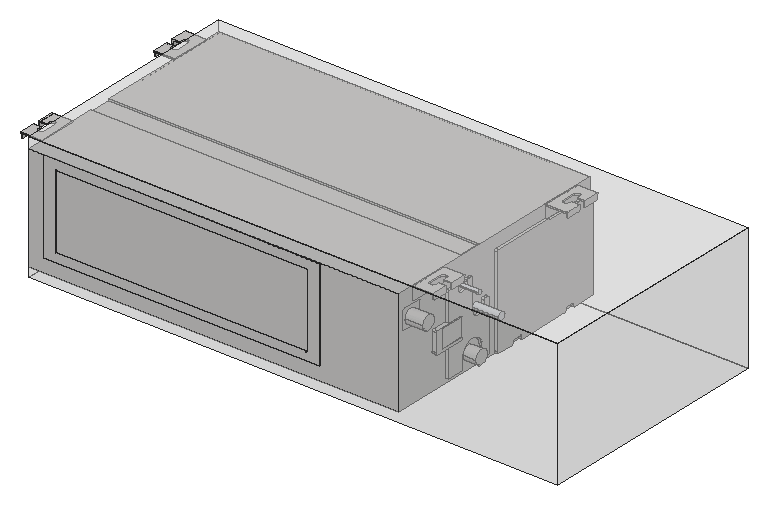
Revit family "outputfile", category 機械設備, Revit 2024
Family settings
  丸型コネクタ寸法 = 半径を使用
  パーツ タイプ = 標準
  OmniClass 番号 = 23.75.10.24.21.27.27
  OmniClass タイトル = Split System Air Conditioning Units
  作業面ベース = いいえ
  常に垂直 = はい
  ロード時にボイドで切り取り = いいえ
  注釈の向きを維持 = いいえ
  共有 = いいえ
  部屋計算ポイント = はい
Parameters (values of type "FPDSQ25APVM")
  Description = ""
  製造元 = "Daikin"
  書き出し IFC クラス(タイプ) = "IfcUnitaryEquipmentType"
  定義済み IFC タイプ(タイプ) = "AIRCONDITIONINGUNIT"
  Cost = 0
  モデル = "FPDSQ25APVM"
  Type Comments = ""
  Keynote = ""
  Type Image = (empty or 0)
  Assembly Code = ""
  lw_suctionflange = 36.75 mm  # constant formula
  r_Liquid Pipe Size = Liquid Pipe Size / 2  # 3.2 mm
  r_Gas Pipe Size = Gas Pipe Size / 2  # 6.35 mm
  r_Drain Pipe Size = Drain Pipe Size / 2  # 13.0 mm
  lw_dischargeflange = 60.0 mm  # constant formula
  lw_SA_left = 351.0 mm
  lw_SA = Width - 178.0 mm  # 522.0 mm
  lw_RA = 624.5 mm
  lh_suctionflange [instance] = if(Rear Connection_Return Air, -100.0 mm, -10.0 mm)  # -100.0 mm
  lh_power = 100.0 mm  # constant formula
  lh_mountinghole1 = lh_mountinghole  # 200.0 mm
  lh_dischargeflange = 112.0 mm  # constant formula
  lh_RA = 198.0 mm  # constant formula
  ld_dischargeflange = 225.0 mm  # constant formula
  ld_suctionflange [instance] = if(Rear Connection_Return Air, 190.0 mm, 100.0 mm)  # 190.0 mm
  angle_vertical_RA [instance] = if(Rear Connection_Return Air, 90.00°, 0.00°)  # 90.00°
  angle horizontal_RA [instance] = if(Rear Connection_Return Air, 180.00°, 270.00°)  # 180.00°
  Voltage_comment_60Hz = "220-230"
  Voltage_comment_50Hz = "220 - 240"
  Voltage_60Hz = 220 V
  Voltage_50Hz = 230 V
  URL = ""
  Supply Air Direction [instance] = yes
  Sound Power Level_H speed (dB) = 0
  Rear Connection_Return Air [instance] = not(Bottom Connection_Return Air)  # yes
  ld_RA = 190.0 mm  # constant formula
  Phase_60Hz = 1
  Phase_50Hz = 1
  Minimum External Static Pressure = 0.00 Pa
  Minimum Circuit Amps_60Hz = 0.4 A
  Minimum Circuit Amps_50Hz = 0.4 A
  Maximum Fuse Amps_60Hz = 16.0 A
  Maximum Fuse Amps_50Hz = 16.0 A
  Maximum External Static Pressure = 10.00 Pa
  Material_Casing = DAIKIN_GalvanizedSteel_Casing_indoorunit
  lw_mountinghole = 740.0 mm
  lh_gaspipe = -98.0 mm  # constant formula
  lh_mountinghole = 200.0 mm  # constant formula
  lh_liquidpipe = -45.5 mm  # constant formula
  lh_drainpipe = -50.0 mm  # constant formula
  lh_antena = 1.0 mm  # constant formula
  ld_drainpipe = 197.0 mm  # constant formula
  ld_liquidpipe = 84.0 mm  # constant formula
  ld_gaspipe = 46.5 mm  # constant formula
  ld_mountinghole = 315.0 mm  # constant formula
  h*** = 100.0 mm  # constant formula
  lw_liquidpipe = 40.0 mm  # constant formula
  lw_gaspipe = 51.0 mm  # constant formula
  lw_drainpipe = 33.0 mm  # constant formula
  Width = 700.0 mm
  Version = "ver.1.0"
  Unit Type = "Intelligent 3D Air Flow Ceiling Mounted Duct Type"
  Unit Mass Weight = 17.00 kg
  Unit Designation [instance] = ""
  Uniclass2015Version = "Products v1.30"
  Uniclass2015Title = "Variable refrigerant flow units"
  Uniclass2015Code = "Pr_70_65_03_94"
  Total Cooling Capacity [instance] = 0.000 kW
  Sound Pressure Level_M speed (dBA) = 27
  Sound Pressure Level_L speed (dBA) = 24
  Sound Pressure Level_H speed (dBA) = 31
  Series = "VRV HOME_Fan Coil Unit"
  Sensible Cooling Capacity [instance] = 0.000 kW
  SA Duct Size Width = 456.0 mm
  SA Duct Size Height = 141.0 mm
  Refrigerant Type = "R410A"
  RA Duct Size Width = 598.5 mm
  RA Duct Size Height = 172.0 mm
  Power Input (Cooling) = 0.029 kW
  Option Accessory 3 [instance] = ""
  Option Accessory 2 [instance] = ""
  Option Accessory 1 [instance] = ""
  Nominal Cooling Capacity = 2.800 kW
  Minimum Airflow = 420.00 m³/h
  Median Airflow = 480.00 m³/h
  Maximum Airflow = 540.00 m³/h
  Load Classification = HVAC
  Liquid Pipe Size = 6.4 mm
  Link_Nested Family [instance] = ""
  IfcVersion = ""
  IfcExportType = "AIRCONDITIONINGUNIT"
  IfcExportAs = "IfcUnitaryEquipmentType"
  Height = 200.0 mm
  Heat Exchanger Type = "Cross Fin Coil"
  Gas Pipe Size = 12.7 mm
  Frequency_60Hz = 60 Hz
  Frequency_50Hz = 50 Hz
  Fan Type = "Sirocco Fan"
  Fan Drive = "Direct Drive"
  FCU Tag No. [instance] = ""
  Drain Pipe Size = 26.0 mm
  Design Supply Airflow [instance] = 0.00 m³/h
  Design Return Airflow [instance] = 0.00 m³/h
  Design External Static Pressure [instance] = 0.00 Pa
  Depth = 450.0 mm
  既定の高さ = 0.0 mm
  Cooling Entering Wet Bulb Temperature [instance] = 0.00 °C
  Cooling Entering Dry Bulb Temperature [instance] = 0.00 °C
  Cooling Ambient Wet Bulb Temperature [instance] = 0.00 °C
  Cooling Ambient Dry Bulb Temperature [instance] = 0.00 °C
  Clearance visibility [instance] = yes
  Clearance Top = 20.0 mm
  Clearance Right = 300.0 mm
  Clearance Rear = 0.0 mm
  Clearance Left = 0.0 mm
  Clearance Front = 0.0 mm
  Clearance Bottom = 20.0 mm
  Bottom Connection_Return Air [instance] = no
  left_pipe = no
Reference planes
  plane 1 "Center (Front/Back)": y = 0
  plane 2 "h": z = 0
  plane 3 "Center (Left/Right)": x = 0
  plane 4 "Back": y = 225
  plane 5 "Front": y = -225
  plane 6 "Left": x = -350
  plane 7 "Reight": x = 350
  plane 8 "Top": z = 0
  plane 9 "Bottom": z = -200
  plane 10: z = 1.2
  plane 11: z = -2
  plane 12: y = -136.255
  plane 13: z = -130.998
  plane 14: y = -88.831
  plane 15: x = -370
  plane 16 "lh_mountinghole": z = 0
  plane 17: y = -197
  plane 18: z = -50
  plane 19: y = -157.5
  plane 20: y = 157.5
  plane 21 "ld_liquidpipe": y = -84
  plane 22 "ld_gaspipe": y = -46.5
  plane 23: y = -215
  plane 24 "ld_maintenacesocket": y = -197
  plane 25: x = -370
  plane 26: x = -350
  plane 27: x = 348.7
  plane 28: x = 383
  plane 29: x = 357
  plane 30: x = 360
  plane 31: x = 358
  plane 32: x = 370
  plane 33: y = -62
  plane 34: x = 375.5
  plane 35: x = 348
  plane 36: y = 225
  plane 37: y = -225
  plane 38: x = -350
  plane 39: x = 650
  plane 40: z = 20
  plane 41: z = -220
  plane 42: y = 250
  plane 43: z = -198
  plane 44: z = 205.102
  plane 45 "d_liquid_pipe": x = 390
  plane 46 "d_gas_pipe": x = 401
  plane 47 "ld_SA": y = -225
  plane 48: x = -350
  plane 49: x = -60
  plane 50: y = 415
  plane 51: z = -88
  plane 52: z = -189.5
  plane 53: x = -349
  plane 54: z = -199
  plane 55: z = -1
  plane 56: y = 35
  plane 57: y = 25
  plane 58: z = -10
  plane 59 "RA_width": x = -36.75
  plane 60: y = 125
  plane 61 "RA_depth": y = 35
  plane 62: z = -100
  plane 63: x = -349
  plane 64: y = 224
  plane 65: x = 242.57
  plane 66: z = -31.16
  plane 67: x = 302
  plane 68: y = 158.8
  plane 69 "h86.5": z = -113.5
  plane 70: y = 111
Forms (mm)
  Extrusion 1, solid, material "DAIKIN_GalvanizedSteel_Casing_indoorunit" <- "Material_Casing"
    sketch origin (0, 0, 0) x (1, 0, 0) y (0, 1, 0)
      loop
        line (-350, 225) -> (-350, -225) -> (350, -225) -> (350, 225) -> (-350, 225)
    from -200 to 0
  Extrusion 2, solid, material "DAIKIN_GalvanizedSteel_Casing_indoorunit" <- "Material_Casing"
    sketch origin (0, 0.312, 0) x (0, 1, 0) y (0, 0, 1)
      loop
        line (182.791, -198) -> (224.688, -198) -> (224.688, -22.445) -> (195.656, -22.445) -> (192.165, -25.937) -> (122.336, -25.937) -> (118.844, -22.445) -> (1.633, -22.445)
        arc (1.633, -22.445) -> (-0.483, -23.322) -> (-1.36, -25.438) r 2.993
        line (-1.36, -25.438) -> (-1.36, -195.007)
        arc (-1.36, -195.007) -> (-0.483, -197.123) -> (1.633, -198) r 2.993
        line (1.633, -198) -> (31.061, -198)
        arc (31.061, -198) -> (33.177, -197.124) -> (34.053, -195.008) r 2.992
        line (34.053, -195.008) -> (34.053, -188.29)
        arc (34.053, -188.29) -> (35.55, -186.794) -> (37.046, -188.29) r 1.496
        line (37.046, -188.29) -> (37.046, -190.333) -> (52.01, -190.333) -> (52.01, -188.29)
        arc (52.01, -188.29) -> (53.506, -186.794) -> (55.002, -188.29) r 1.496
        line (55.002, -188.29) -> (55.002, -195.007)
        arc (55.002, -195.007) -> (55.879, -197.123) -> (57.995, -198) r 2.993
        line (57.995, -198) -> (155.756, -198)
        arc (155.756, -198) -> (157.872, -197.123) -> (158.749, -195.007) r 2.993
        line (158.749, -195.007) -> (158.749, -188.29)
        arc (158.749, -188.29) -> (160.245, -186.794) -> (161.741, -188.29) r 1.496
        line (161.741, -188.29) -> (161.741, -190.333) -> (176.705, -190.333) -> (176.705, -188.29)
        arc (176.705, -188.29) -> (178.201, -186.794) -> (179.697, -188.29) r 1.496
        line (179.697, -188.29) -> (179.697, -195.005)
        arc (179.697, -195.005) -> (180.571, -197.115) -> (182.682, -197.989) r 2.984
      loop
        arc (-61.313, -42.952) -> (-62.034, -41.571) -> (-63.466, -40.958) r 2.32
        line (-63.466, -40.958) -> (-70.317, -40.958)
        arc (-70.317, -40.958) -> (-71.728, -41.542) -> (-72.313, -42.953) r 1.995
        line (-72.313, -42.953) -> (-72.313, -45.5)
        arc (-72.313, -45.5) -> (-84.313, -57.5) -> (-96.313, -45.5) r 12
        line (-96.313, -45.5) -> (-96.313, -42.953)
        arc (-96.313, -42.953) -> (-96.897, -41.542) -> (-98.308, -40.958) r 1.995
        line (-98.308, -40.958) -> (-115.14, -40.958)
        arc (-115.14, -40.958) -> (-116.551, -41.542) -> (-117.135, -42.953) r 1.995
        line (-117.135, -42.953) -> (-117.135, -189.5) -> (-22.307, -189.5) -> (-22.307, -92.768)
        arc (-22.307, -92.768) -> (-22.891, -91.358) -> (-24.302, -90.773) r 1.995
        line (-24.302, -90.773) -> (-30.318, -90.773)
        arc (-30.318, -90.773) -> (-31.728, -91.358) -> (-32.313, -92.768) r 1.995
        line (-32.313, -92.768) -> (-32.313, -99.963)
        arc (-32.313, -99.963) -> (-47.621, -112.774) -> (-61.313, -98.249) r 14.551
        line (-61.313, -98.249) -> (-61.313, -42.952)
    from 350 to 357
  Extrusion 3, solid, material "DAIKIN_GalvanizedSteel_Casing_indoorunit" <- "Material_Casing"
    sketch origin (0, 0, 0) x (0, 1, 0) y (0, 0, 1)
      loop
        line (-91.821, -94.277) -> (-145.472, -94.277)
        arc (-145.472, -94.277) -> (-147.727, -95.07) -> (-148.682, -97.262) r 2.993
        line (-148.682, -97.262) -> (-148.682, -131.007)
        arc (-148.682, -131.007) -> (-147.871, -133.233) -> (-145.694, -134.172) r 2.993
        line (-145.694, -134.172) -> (-92.043, -134.172)
        arc (-92.043, -134.172) -> (-89.788, -133.378) -> (-88.833, -131.187) r 2.993
        line (-88.833, -131.187) -> (-88.831, -97.148)
        arc (-88.831, -97.148) -> (-89.748, -95.111) -> (-91.821, -94.277) r 2.993
    from 350 to 360
  Extrusion 4, void
    sketch origin (0, 0, 0) x (1, 0, 0) y (0, 1, 0)
      loop
        line (348.7, -35.647) -> (-350, -35.647) -> (-350, -77.912) -> (348.7, -77.912) -> (348.7, -35.647)
    from -2 to 0
  Extrusion 5, void
    sketch origin (0, 0, 0) x (0, 1, 0) y (0, 0, 1)
      loop
        line (-136.255, -95.719) -> (-136.255, -130.724) -> (-88.831, -130.724) -> (-88.831, -95.719) -> (-136.255, -95.719)
    from 358 to 360
  Extrusion 6, void
    sketch origin (0, 0, 29.537) x (0, 1, 0) y (0, 0, 1)
      loop
        arc (-37.558, -199.001) -> (-61.998, -174.561) -> (-86.438, -199.001) r 24.44
        line (-86.438, -199.001) -> (-86.438, -219.037) -> (-37.558, -219.037) -> (-37.558, -199.001)
    from 357 to 350
  Extrusion 7, solid, material "DAIKIN_GalvanizedSteel_Casing_indoorunit" <- "Material_Casing"
    sketch origin (0, 0, 0) x (0, 1, 0) y (0, 0, 1)
      loop
        circle (-62, -170) r 12.968
    from 350 to 375.5
  Extrusion 8, solid, material "DAIKIN_GalvanizedSteel_Casing_indoorunit" <- "Material_Casing"
    sketch origin (0, 0, 0) x (0, 1, 0) y (0, 0, 1)
      loop
        circle (-197, -50) r 13
    from 348 to 383
  Extrusion 9, void
    sketch origin (0, 0, 0) x (0, 1, 0) y (0, 0, 1)
      loop
        arc (-212.961, -29.051) -> (-216.488, -30.512) -> (-217.949, -34.039) r 4.988
        line (-217.949, -34.039) -> (-217.949, -63.961)
        arc (-217.949, -63.961) -> (-216.488, -67.488) -> (-212.961, -68.949) r 4.988
        line (-212.961, -68.949) -> (-181.039, -68.949)
        arc (-181.039, -68.949) -> (-177.512, -67.488) -> (-176.051, -63.961) r 4.988
        line (-176.051, -63.961) -> (-176.051, -34.039)
        arc (-176.051, -34.039) -> (-177.512, -30.512) -> (-181.039, -29.051) r 4.988
        line (-181.039, -29.051) -> (-212.961, -29.051)
    from 348 to 350
  Extrusion 10, solid
    sketch origin (0, 0, 0) x (0, 1, 0) y (0, 0, 1)
      loop
        circle (-84, -45.5) r 3.2
    from 350 to 390
  Extrusion 11, solid
    sketch origin (0, 0, 0) x (0, 1, 0) y (0, 0, 1)
      loop
        circle (-46.5, -98) r 6.35
    from 350 to 401
  Extrusion 12, solid, material "DAIKIN_GalvanizedSteel_Casing_indoorunit" <- "Material_Casing"
    sketch origin (0, 0, 0) x (1, 0, 0) y (0, 1, 0)
      loop
        circle (302, 158.8) r 25
    from -198 to -200
  Extrusion 13, void
    sketch origin (0, 0, 0) x (1, 0, 0) y (0, 0, 1)
      loop
        line (-349, -1) -> (-349, -199) -> (262.5, -199) -> (262.5, -1) -> (-349, -1)
    from -225 to -35
  Extrusion 14, void
    sketch origin (0, 0, 0) x (1, 0, 0) y (0, 1, 0)
      loop
        line (-349, 224) -> (-349, 26) -> (262.5, 26) -> (262.5, 224) -> (-349, 224)
    from -200 to -10
  Extrusion 15, solid, material "DAIKIN_GalvanizedSteel_Casing_indoorunit" <- "Material_Casing", visible <- "Rear Connection_Return Air"
    sketch origin (0, 0, 0) x (1, 0, 0) y (0, 1, 0)
      loop
        line (262.5, 224) -> (-349, 224) -> (-349, 26) -> (262.5, 26) -> (262.5, 224)
    from -200 to -199
  Extrusion 16, solid, material "DAIKIN_GalvanizedSteel_Casing_indoorunit" <- "Material_Casing", visible <- "Bottom Connection_Return Air"
    sketch origin (0, 0, 0) x (1, 0, 0) y (0, 0, 1)
      loop
        line (262.5, -1) -> (-349, -1) -> (-349, -199) -> (262.5, -199) -> (262.5, -1)
    from -225 to -215
  Extrusion 17, void
    sketch origin (-350, 0, 0) x (0, 1, 0) y (0, 0, 1)
      loop
        line (152, -88.5) -> (70, -88.5) -> (70, -138.5) -> (152, -138.5) -> (152, -88.5)
    from 0 to 0.5
  Revolve 18, solid, material "DAIKIN_GalvanizedSteel_Casing_indoorunit" <- "Material_Casing", visible <- "left_pipe"
    sketch origin (0, 0, -113.5) x (0, 1, 0) y (-1, 0, 0)
      loop
        line (111, 349.5) -> (111, 373) -> (103.5, 373) -> (103.5, 359) -> (93.5, 359) -> (93.5, 357.5) -> (90, 357.5) -> (90, 349.5) -> (111, 349.5)
      axis (111, 373) -> (111, 349.5)
    angle from 0 to 360
Cuts and joins
  Extrusion 4, Extrusion 5, Extrusion 9, Extrusion 13, Extrusion 14, Extrusion 17 cuts Extrusion 1
  Extrusion 5 cuts Extrusion 3
  Extrusion 6 cuts Extrusion 2
  Extrusion 13 cuts Extrusion 8
Dimensions and locks
  "Height": plane 8 "Top" to plane 9 "Bottom"
  locked: plane 10 to plane 8 "Top" at 1.2
  locked: plane 8 "Top" to plane 11 at 2
  locked: Extrusion 6 sketch curve to Extrusion 6 sketch curve at 48.881
  locked: Extrusion 6 sketch curve to Extrusion 6 sketch curve at 20.035  (x2)
  equal spacing: plane 19, plane 1 "Center (Front/Back)", plane 20
  "ld_mountinghole": plane 19 to plane 20
  "ld_gaspipe": plane 22 "ld_gaspipe" to plane 1 "Center (Front/Back)"
  "ld_liquidpipe": plane 21 "ld_liquidpipe" to plane 1 "Center (Front/Back)"
  "ld_drainpipe": plane 24 "ld_maintenacesocket" to plane 1 "Center (Front/Back)"
  equal spacing: plane 4 "Back", plane 1 "Center (Front/Back)", plane 5 "Front"
  "Depth": plane 4 "Back" to plane 5 "Front"
  locked: plane 12 to plane 1 "Center (Front/Back)" at 136.255
  locked: plane 12 to plane 14 at 47.425
  locked: plane 14 to plane 1 "Center (Front/Back)" at 88.831
  locked: plane 13 to plane 9 "Bottom" at 69.002
  equal spacing: plane 6 "Left", plane 3 "Center (Left/Right)", plane 7 "Reight"
  "Width": plane 6 "Left" to plane 7 "Reight"
  "lw_drainpipe": plane 7 "Reight" to plane 28
  locked: plane 7 "Reight" to plane 29 at 7
  locked: plane 30 to plane 28 at 23
  locked: plane 31 to plane 28 at 25
  equal spacing: plane 25, plane 3 "Center (Left/Right)", plane 32
  "lw_mountinghole": plane 25 to plane 32
  locked: plane 7 "Reight" to plane 34 at 25.5
  locked: plane 35 to plane 7 "Reight" at 2
  "Clearance Left": plane 38 to plane 6 "Left"
  "Clearance Right": plane 7 "Reight" to plane 39
  "Clearance Rear": plane 36 to plane 4 "Back"
  "Clearance Front": plane 5 "Front" to plane 37
  "Clearance Top": plane 40 to plane 8 "Top"
  "Clearance Bottom": plane 9 "Bottom" to plane 41
  locked: plane 42 to plane 4 "Back" at 25
  locked: plane 27 to plane 7 "Reight" at 1.3
  locked: plane 43 to plane 9 "Bottom" at 2
  "lw_liquidpipe": plane 7 "Reight" to plane 45 "d_liquid_pipe"
  "lw_gaspipe": plane 7 "Reight" to plane 46 "d_gas_pipe"
  "lh_mountinghole": plane 16 "lh_mountinghole" to plane 9 "Bottom"
  "ld_suctionflange": plane 50 to plane 4 "Back"
  "lw_dischargeflange": plane 49 to plane 3 "Center (Left/Right)"
  "lh_dischargeflange": plane 51 to plane 9 "Bottom"
  locked: plane 52 to plane 9 "Bottom" at 10.5
  locked: plane 33 to plane 1 "Center (Front/Back)" at 62
  locked: plane 8 "Top" to plane 55 at 1
  locked: plane 53 to plane 6 "Left" at 1
  locked: plane 54 to plane 9 "Bottom" at 1
  locked: plane 58 to plane 9 "Bottom" at 190
  locked: plane 4 "Back" to plane 56 at 190
  locked: plane 4 "Back" to plane 57 at 200
  locked: plane 4 "Back" to plane 60 at 100
  "lw_suctionflange": plane 59 "RA_width" to plane 3 "Center (Left/Right)"
  "ld_suctionflange": plane 4 "Back" to plane 61 "RA_depth"
  "lh_power": plane 62 to plane 9 "Bottom"
  locked: plane 48 to plane 63 at 1
  locked: plane 36 to plane 64 at 1
  locked: plane 8 "Top" to plane 66 at 31.16
  locked: plane 7 "Reight" to plane 65 at 107.43
  locked: plane 18 to plane 9 "Bottom" at 150
  locked: plane 67 to plane 7 "Reight" at 48
  locked: Extrusion 17 sketch curve to Extrusion 17 sketch curve at 82
  locked: Extrusion 17 sketch curve to Extrusion 17 sketch curve at 50
  locked: plane 4 "Back" to Extrusion 17 sketch curve at 73
  locked: Extrusion 17 sketch curve to plane 9 "Bottom" at 61.5
  locked: plane 69 "h86.5" to plane 9 "Bottom" at 86.5
  locked: plane 4 "Back" to plane 70 at 114
  locked: plane 70 to Revolve 18 sketch curve at 21
  locked: plane 70 to Revolve 18 sketch curve at 17.5
  locked: plane 70 to Revolve 18 sketch curve at 7.5
  locked: Revolve 18 sketch curve to plane 6 "Left" at 23
  cut or joined group of Extrusion 1, Extrusion 4, Extrusion 5, Extrusion 9, Extrusion 13, Extrusion 14, Extrusion 17 to nested 16 = 598.5 mm
  nested 16 to nested 9 = 14.0 mm
  nested 16 to cut or joined group of Extrusion 1, Extrusion 4, Extrusion 5, Extrusion 9, Extrusion 13, Extrusion 14, Extrusion 17 = 13.0 mm
  "ld_dischargeflange": plane 47 "ld_SA" to plane 1 "Center (Front/Back)"
  plane 4 "Back" to plane 68 = 66.2 mm
  "Drain Pipe Size": diameter of Extrusion 8 sketch curve
  "Liquid Pipe Size": diameter of Extrusion 10 sketch curve
  "Gas Pipe Size": diameter of Extrusion 11 sketch curve
  aligned and locked: level to plane 2 "h"
  aligned and locked: plane 8 "Top" to Extrusion 1
  aligned and locked: Extrusion 1 to plane 9 "Bottom"
  aligned and locked: cut or joined group of Extrusion 1, Extrusion 4, Extrusion 5, Extrusion 9, Extrusion 13, Extrusion 14, Extrusion 17 to plane 8 "Top"
  aligned and locked: Extrusion 4 to plane 11
  aligned and locked: plane 8 "Top" to Extrusion 4
  aligned and locked: Extrusion 3 to Extrusion 5
  aligned and locked: plane 14 to Extrusion 5 sketch curve
  aligned and locked: Extrusion 5 sketch curve to plane 12
  aligned and locked: plane 19 to nested 1
  aligned and locked: nested 3 to plane 19
  aligned and locked: nested 2 to plane 20
  aligned and locked: nested 4 to plane 22 "ld_gaspipe"
  aligned and locked: nested 5 to plane 21 "ld_liquidpipe"
  aligned and locked: nested 6 to plane 24 "ld_maintenacesocket"
  aligned and locked: plane 4 "Back" to cut or joined group of Extrusion 2, Extrusion 6
  aligned and locked: nested 1 to plane 7 "Reight"
  aligned and locked: plane 6 "Left" to plane 26
  aligned and locked: Extrusion 4 sketch curve to plane 26
  aligned and locked: Extrusion 4 sketch curve to plane 27
  aligned and locked: cut or joined group of Extrusion 1, Extrusion 4, Extrusion 5, Extrusion 9, Extrusion 13, Extrusion 14, Extrusion 17 to plane 6 "Left"
  aligned and locked: plane 7 "Reight" to cut or joined group of Extrusion 1, Extrusion 4, Extrusion 5, Extrusion 9, Extrusion 13, Extrusion 14, Extrusion 17
  aligned and locked: plane 28 to Extrusion 8
  aligned and locked: Extrusion 8 to plane 28  (x2)
  aligned and locked: cut or joined group of Extrusion 2, Extrusion 6 to plane 29
  aligned and locked: plane 29 to cut or joined group of Extrusion 2, Extrusion 6  (x3)
  aligned and locked: plane 7 "Reight" to nested 1
  aligned and locked: cut or joined group of Extrusion 2, Extrusion 6 to plane 7 "Reight"
  aligned and locked: Extrusion 2 to Extrusion 6
  aligned and locked: Extrusion 6 to plane 7 "Reight"
  aligned and locked: plane 30 to cut or joined group of Extrusion 3, Extrusion 5
  aligned and locked: cut or joined group of Extrusion 3, Extrusion 5 to plane 31
  aligned and locked: nested 2 to plane 6 "Left"
  aligned and locked: nested 3 to plane 6 "Left"
  aligned and locked: plane 33 to Extrusion 7 sketch curve
  aligned and locked: Extrusion 7 to plane 7 "Reight"
  aligned and locked: plane 34 to Extrusion 7
  aligned and locked: Extrusion 3 to plane 7 "Reight"
  aligned and locked: plane 7 "Reight" to Extrusion 9
  aligned and locked: plane 35 to Extrusion 9
  aligned and locked: plane 35 to Extrusion 8
  aligned and locked: plane 20 to nested 7
  aligned and locked: plane 3 "Center (Left/Right)" to nested 8
  aligned and locked: plane 1 "Center (Front/Back)" to nested 8
  aligned and locked: plane 7 "Reight" to nested 7
  aligned and locked: plane 4 "Back" to cut or joined group of Extrusion 1, Extrusion 4, Extrusion 5, Extrusion 9, Extrusion 13, Extrusion 14, Extrusion 17
  aligned and locked: nested 9 to plane 37
  aligned and locked: plane 38 to nested 9
  aligned and locked: plane 39 to nested 9
  aligned and locked: nested 9 to plane 38
  aligned and locked: plane 36 to nested 9
  aligned and locked: plane 40 to nested 9
  aligned and locked: plane 41 to nested 9
  aligned and locked: cut or joined group of Extrusion 1, Extrusion 4, Extrusion 5, Extrusion 9, Extrusion 13, Extrusion 14, Extrusion 17 to plane 9 "Bottom"
  aligned and locked: Extrusion 10 to plane 7 "Reight"
  aligned and locked: plane 45 "d_liquid_pipe" to Extrusion 10
  aligned and locked: plane 22 "ld_gaspipe" to Extrusion 11 sketch curve
  aligned and locked: Extrusion 11 to plane 7 "Reight"
  aligned and locked: plane 46 "d_gas_pipe" to Extrusion 11
  aligned and locked: plane 46 "d_gas_pipe" to nested 4
  aligned and locked: plane 45 "d_liquid_pipe" to nested 5
  aligned and locked: plane 21 "ld_liquidpipe" to Extrusion 10 sketch curve
  aligned and locked: plane 16 "lh_mountinghole" to nested 3
  aligned and locked: plane 16 "lh_mountinghole" to nested 2
  aligned and locked: plane 16 "lh_mountinghole" to nested 1
  aligned and locked: plane 16 "lh_mountinghole" to nested 7
  aligned and locked: plane 32 to nested 10
  aligned and locked: plane 19 to nested 10
  aligned and locked: plane 32 to nested 13
  aligned and locked: plane 20 to nested 13
  aligned and locked: plane 25 to nested 11
  aligned and locked: plane 20 to nested 11
  aligned and locked: plane 25 to nested 12
  aligned and locked: plane 19 to nested 12
  aligned and locked: plane 49 to nested 14
  aligned and locked: plane 51 to nested 14
  aligned and locked: plane 20 to nested 15
  aligned and locked: plane 52 to Extrusion 2 sketch curve
  aligned and locked: cut or joined group of Extrusion 2, Extrusion 6 to Extrusion 12
  aligned and locked: Extrusion 12 to plane 9 "Bottom"
  aligned and locked: nested 15 to plane 9 "Bottom"
  aligned and locked: Extrusion 2 sketch curve to plane 43  (x3)
  aligned and locked: plane 53 to Extrusion 13 sketch curve
  aligned and locked: Extrusion 13 sketch curve to plane 55
  aligned and locked: plane 54 to Extrusion 13 sketch curve
  aligned and locked: plane 4 "Back" to Extrusion 13
  aligned and locked: nested 16 to cut or joined group of Extrusion 1, Extrusion 4, Extrusion 5, Extrusion 9, Extrusion 13, Extrusion 14, Extrusion 17
  aligned and locked: Extrusion 14 to plane 9 "Bottom"
  aligned and locked: plane 58 to Extrusion 14
  aligned and locked: Extrusion 15 sketch curve to cut or joined group of Extrusion 1, Extrusion 4, Extrusion 5, Extrusion 9, Extrusion 13, Extrusion 14, Extrusion 17  (x2)
  aligned and locked: cut or joined group of Extrusion 1, Extrusion 4, Extrusion 5, Extrusion 9, Extrusion 13, Extrusion 14, Extrusion 17 to Extrusion 15 sketch curve
  aligned and locked: Extrusion 15 to plane 9 "Bottom"
  aligned and locked: Extrusion 13 to plane 56
  aligned and locked: Extrusion 16 sketch curve to cut or joined group of Extrusion 1, Extrusion 4, Extrusion 5, Extrusion 9, Extrusion 13, Extrusion 14, Extrusion 17  (x3)
  aligned and locked: plane 4 "Back" to Extrusion 16
  aligned and locked: Extrusion 15 to cut or joined group of Extrusion 1, Extrusion 4, Extrusion 5, Extrusion 9, Extrusion 13, Extrusion 14, Extrusion 17
  aligned and locked: plane 7 "Reight" to nested 6
  aligned and locked: plane 24 "ld_maintenacesocket" to nested 6
  aligned and locked: plane 61 "RA_depth" to nested 17
  aligned and locked: plane 67 to Extrusion 12 sketch curve
  aligned and locked: plane 68 to Extrusion 12 sketch curve
  aligned and locked: plane 67 to nested 15
  aligned and locked: nested 18 to Extrusion 16
  aligned and locked: plane 70 to Revolve 18 sketch curve
  aligned and locked: plane 49 to nested 19
  aligned and locked: plane 47 "ld_SA" to nested 19
  aligned and locked: plane 1 "Center (Front/Back)" to nested 14
  aligned and locked: nested 19 to plane 51
Automatic sketch dimensions
  Extrusion 3 sketch curve to Extrusion 3 sketch curve = 0.217 mm  (x2)
  Extrusion 3 sketch curve to Extrusion 3 sketch curve = 2.985 mm  (x2)
  Extrusion 3 sketch curve to Extrusion 3 sketch curve = 53.651 mm
  Extrusion 3 sketch curve to Extrusion 3 sketch curve = 2.988 mm
  Extrusion 3 sketch curve to Extrusion 3 sketch curve = 0.172 mm
  Extrusion 3 sketch curve to Extrusion 3 sketch curve = 0.222 mm
  Extrusion 3 sketch curve to Extrusion 3 sketch curve = 2.993 mm
  Extrusion 3 sketch curve to Extrusion 3 sketch curve = 0.008 mm
  plane 1 "Center (Front/Back)" to Extrusion 4 sketch curve = 77.912 mm
  plane 1 "Center (Front/Back)" to Extrusion 4 sketch curve = 35.647 mm
  plane 9 "Bottom" to Extrusion 7 sketch curve = 30.0 mm
  Extrusion 3 sketch curve to Extrusion 3 sketch curve = 2.99 mm
  plane 9 "Bottom" to Extrusion 3 sketch curve = 65.828 mm
  Extrusion 3 sketch curve to Extrusion 3 sketch curve = 33.917 mm
  Extrusion 3 sketch curve to Extrusion 3 sketch curve = 33.745 mm
  Extrusion 3 sketch curve to plane 19 = 8.818 mm
  plane 23 to Extrusion 1 sketch curve = 10.0 mm
  Extrusion 1 sketch curve to plane 6 "Left" = 0.0 mm
  Extrusion 1 sketch curve to plane 7 "Reight" = 0.0 mm
  plane 23 to Extrusion 9 sketch curve = 2.949 mm
  Extrusion 9 sketch curve to plane 23 = 2.039 mm  (x2)
  Extrusion 9 sketch curve to plane 24 "ld_maintenacesocket" = 15.961 mm
  Extrusion 9 sketch curve to Extrusion 9 sketch curve = 4.988 mm  (x2)
  Extrusion 1 sketch curve to plane 4 "Back" = 0.0 mm
  plane 21 "ld_liquidpipe" to Extrusion 6 sketch curve = 2.438 mm
  plane 43 to Extrusion 6 sketch curve = 8.5 mm
  plane 6 "Left" to Extrusion 14 sketch curve = 1.0 mm
  Extrusion 14 sketch curve to plane 7 "Reight" = 87.5 mm
  Extrusion 14 sketch curve to plane 4 "Back" = 1.0 mm
  Extrusion 15 sketch curve to plane 4 "Back" = 1.0 mm
  plane 51 to Extrusion 5 sketch curve = 7.719 mm
  Extrusion 9 sketch curve to plane 51 = 19.051 mm
  Extrusion 9 sketch curve to plane 58 = 24.039 mm
  Extrusion 10 sketch curve to plane 58 = 35.5 mm
  plane 35 to Extrusion 16 sketch curve = 85.5 mm
  plane 35 to Extrusion 13 sketch curve = 85.5 mm
  plane 57 to Extrusion 14 sketch curve = 1.0 mm
  Extrusion 8 sketch curve to plane 17 = 0.0 mm
  Extrusion 8 sketch curve to plane 18 = 0.0 mm
  plane 62 to Extrusion 11 sketch curve = 2.0 mm
  plane 13 to Extrusion 5 sketch curve = 0.274 mm
  Revolve 18 sketch curve to plane 70 = 0.0 mm
  plane 6 "Left" to Revolve 18 sketch curve = 0.5 mm
  Revolve 18 sketch curve to Revolve 18 sketch curve = 24.26 mm
  Revolve 18 sketch curve to Revolve 18 sketch curve = 20.32 mm
  Extrusion 2 sketch curve to plane 4 "Back" = 0.0 mm
  plane 66 to Extrusion 2 sketch curve = 5.223 mm
  Extrusion 2 sketch curve to plane 4 "Back" = 32.523 mm
  plane 43 to Extrusion 2 sketch curve = 2.995 mm
  Extrusion 2 sketch curve to plane 20 = 25.494 mm
  plane 52 to Extrusion 2 sketch curve = 1.21 mm  (x4)
  Extrusion 2 sketch curve to Extrusion 2 sketch curve = 2.984 mm
  Extrusion 2 sketch curve to Extrusion 2 sketch curve = 1.496 mm  (x3)
  Extrusion 2 sketch curve to plane 52 = 0.833 mm  (x2)
  Extrusion 2 sketch curve to plane 20 = 4.554 mm
  plane 20 to Extrusion 2 sketch curve = 1.432 mm
  Extrusion 2 sketch curve to plane 60 = 2.352 mm
  Extrusion 2 sketch curve to Extrusion 2 sketch curve = 3.492 mm
  plane 43 to Extrusion 2 sketch curve = 2.993 mm
  plane 56 to Extrusion 2 sketch curve = 23.307 mm
  plane 56 to Extrusion 2 sketch curve = 2.359 mm
  plane 56 to Extrusion 2 sketch curve = 0.862 mm
  Extrusion 2 sketch curve to plane 56 = 0.634 mm
  Extrusion 2 sketch curve to Extrusion 2 sketch curve = 2.992 mm
  Extrusion 2 sketch curve to plane 1 "Center (Front/Back)" = 1.945 mm  (x2)
  plane 1 "Center (Front/Back)" to Extrusion 2 sketch curve = 1.047 mm
  Extrusion 2 sketch curve to Extrusion 2 sketch curve = 20.947 mm
  Extrusion 2 sketch curve to Extrusion 2 sketch curve = 1.995 mm  (x4)
  Extrusion 2 sketch curve to Extrusion 2 sketch curve = 6.016 mm
  plane 62 to Extrusion 2 sketch curve = 0.037 mm
  Extrusion 2 sketch curve to plane 22 "ld_gaspipe" = 0.051 mm
  Extrusion 2 sketch curve to plane 66 = 11.792 mm
  Extrusion 2 sketch curve to Extrusion 2 sketch curve = 30.995 mm
  Extrusion 2 sketch curve to Extrusion 2 sketch curve = 2.154 mm
  Extrusion 2 sketch curve to Extrusion 2 sketch curve = 0.144 mm
  Extrusion 2 sketch curve to Extrusion 2 sketch curve = 6.708 mm
  plane 21 "ld_liquidpipe" to Extrusion 2 sketch curve = 0.0 mm
  Extrusion 2 sketch curve to plane 66 = 9.798 mm
  Extrusion 2 sketch curve to Extrusion 2 sketch curve = 16.833 mm
  plane 21 "ld_liquidpipe" to Extrusion 2 sketch curve = 32.823 mm
  plane 51 to Extrusion 2 sketch curve = 4.768 mm
  Extrusion 2 sketch curve to Extrusion 2 sketch curve = 2.547 mm
  Extrusion 2 sketch curve to Extrusion 2 sketch curve = 0.321 mm
  plane 66 to Extrusion 2 sketch curve = 5.722 mm
  Extrusion 2 sketch curve to Extrusion 2 sketch curve = 3.491 mm
  Extrusion 2 sketch curve to Extrusion 2 sketch curve = 0.11 mm
  Extrusion 2 sketch curve to Extrusion 2 sketch curve = 0.0 mm
  plane 66 to Extrusion 2 sketch curve = 8.715 mm
  Revolve 18 sketch curve to Revolve 18 sketch curve = 1.5 mm
  Revolve 18 sketch curve to plane 6 "Left" = 7.5 mm
  radius of Extrusion 7 sketch curve = 12.968 mm
  radius of Extrusion 12 sketch curve = 25.0 mm
Nested families
  nested 1: "daikin_hangerfixture_FPDSQ-APVM" at (350, -157.5, 0), type "daikin_hangerfixture_FPDSQ-APVM"
  nested 2: "daikin_hangerfixture_FPDSQ-APVM" at (-350, 157.5, 0) x (-1, 0, 0) z (0, 0, 1), type "daikin_hangerfixture_FPDSQ-APVM"
  nested 3: "daikin_hangerfixture_FPDSQ-APVM" at (-350, -157.5, 0) x (-1, 0, 0) z (0, 0, 1), type "daikin_hangerfixture_FPDSQ-APVM"
  nested 4: "daikin_connector_rotate2" at (350, -46.5, -98) x (0, 1, 0) z (0, 0, 1), length <- "lw_gaspipe", built-in parameter 1001364 <- "lh_gaspipe", type "daikin_connector_rotate2"
    with radius 6.35 mm, length 51.0 mm, angle_vertical 90.00°
  nested 5: "daikin_connector_rotate2" at (350, -84, -45.5) x (0, 1, 0) z (0, 0, 1), length <- "lw_liquidpipe", built-in parameter 1001364 <- "lh_liquidpipe", type "daikin_connector_rotate2"
    with radius 3.2 mm, length 40.0 mm, angle_vertical 90.00°
  nested 6: "daikin_connector_rotate2" at (350, -197, -50) x (0, 1, 0) z (0, 0, 1), length <- "lw_drainpipe", built-in parameter 1001364 <- "lh_drainpipe", type "daikin_connector_rotate2"
    with radius 13.0 mm, length 33.0 mm, angle_vertical 90.00°
  nested 7: "daikin_hangerfixture_FPDSQ-APVM" at (350, 157.5, 0), type "daikin_hangerfixture_FPDSQ-APVM"
  nested 8: "daikin_△_symbolicline" at (0, 0, 200), built-in parameter 1001364 <- "Height", visible <- "Supply Air Direction", type "daikin_△_symbolicline"
    with length 200.0 mm
  nested 9: "daikin_clearancespace" at (150, 0, -99.881), visible <- "Clearance visibility", show <- "Clearance visibility", Link_Nested Family <- "Link_Nested Family", type "daikin_clearancespace"
    with width 1000.0 mm, show yes, height 240.0 mm, depth 450.0 mm, Link_Nested Family ""
  nested 10: "daikin_mountinghole" at (370, -157.5, -200), l_antenna <- "lh_antena", Link_Nested Family <- "Link_Nested Family", h_mountinghole <- "lh_mountinghole1", type "daikin_mountinghole"
    with show yes, l_antenna 1.0 mm, h_mountinghole 200.0 mm, Link_Nested Family ""
  nested 11: "daikin_mountinghole" at (-370, 157.5, -200), l_antenna <- "lh_antena", Link_Nested Family <- "Link_Nested Family", h_mountinghole <- "lh_mountinghole1", type "daikin_mountinghole"
    with show yes, l_antenna 1.0 mm, h_mountinghole 200.0 mm, Link_Nested Family ""
  nested 12: "daikin_mountinghole" at (-370, -157.5, -200), l_antenna <- "lh_antena", Link_Nested Family <- "Link_Nested Family", h_mountinghole <- "lh_mountinghole1", type "daikin_mountinghole"
    with show yes, l_antenna 1.0 mm, h_mountinghole 200.0 mm, Link_Nested Family ""
  nested 13: "daikin_mountinghole" at (370, 157.5, -200), l_antenna <- "lh_antena", Link_Nested Family <- "Link_Nested Family", h_mountinghole <- "lh_mountinghole1", type "daikin_mountinghole"
    with show yes, l_antenna 1.0 mm, h_mountinghole 200.0 mm, Link_Nested Family ""
  nested 14: "daikin_connector_rotate2" at (-60, 0, -88), length <- "ld_dischargeflange", type "daikin_connector_rotate2"
    with radius 10.0 mm, length 225.0 mm, angle_vertical 90.00°
  nested 15: "daikin_connector_rotate2" at (302, 157.5, -100) x (1, 0, 0) z (0, -1, 0), length <- "lh_power", type "daikin_connector_rotate2"
    with radius 10.0 mm, length 100.0 mm, angle_vertical 90.00°
  nested 16: "daikin_ductflange_FPDSQ-APVM2" at (-36.75, 225, -199), height <- "lh_RA", width <- "lw_RA", visible <- "Rear Connection_Return Air", type "daikin_ductflange_FPDSQ-APVM2"
    with width 624.5 mm, height 198.0 mm, depth 8.188 mm
  nested 17: "daikin_connector_rotate3" at (-36.75, 35, -100), built-in parameter 1001364 <- "lh_suctionflange", length <- "ld_RA", angle_vertical <- "angle_vertical_RA", angle_horizontal <- "angle horizontal_RA", type "daikin_connector_rotate3"
    with show no, radius 10.0 mm, length 190.0 mm, angle_vertical 90.00°, angle_horizontal 180.00°
  nested 18: "daikin_ductflange_FPDSQ-APVM2" at (-36.75, 26, -200) x (1, 0, 0) z (0, 1, 0), width <- "lw_RA", height <- "lh_RA", visible <- "Bottom Connection_Return Air", type "daikin_ductflange_FPDSQ-APVM2"
    with width 624.5 mm, height 198.0 mm, depth 562.323 mm
  nested 19: "daikin_ductflange_FPDSQ-APVM3" at (-60, -225, -187), height <- "lh_RA", width <- "lw_SA", type "daikin_ductflange_FPDSQ-APVM3"
    with width 522.0 mm, height 198.0 mm, depth 1.0 mm
Connectors
  piping at (401, -46.5, -98), diameter 12.7, driven by "r_Gas Pipe Size"
    settings: on nested 4, index 3, connector inside diameter 609.6 mm, connector length 0.0 mm, flow factor 0, pipe flow 0.00 m³/h, pressure drop 0.0 Pa, fitting loss kfactor 0, connector angle 0.00°, fixture units 0, engagement length 0.0 mm, angle of deflection 0.00°, flow configuration 1, flow direction 2, fitting loss method 0, system type 29, joint type 0, gender type 0, connector reference index -1, connector utility 0, adjustable connector no, is connector primary yes, connector description "Refrigerant Gas Piping"
  piping at (390, -84, -45.5), diameter 6.4, driven by "r_Liquid Pipe Size"
    settings: on nested 5, index 4, connector inside diameter 609.6 mm, connector length 0.0 mm, flow factor 0, pipe flow 0.00 m³/h, pressure drop 0.0 Pa, fitting loss kfactor 0, connector angle 0.00°, fixture units 0, engagement length 0.0 mm, angle of deflection 0.00°, flow configuration 1, flow direction 1, fitting loss method 0, system type 29, joint type 0, gender type 0, connector reference index -1, connector utility 0, adjustable connector no, is connector primary no, connector description "Refrigerant Liquid Piping"
  piping at (383, -197, -50), diameter 26, driven by "r_Drain Pipe Size"
    settings: on nested 6, index 5, connector inside diameter 609.6 mm, connector length 0.0 mm, flow factor 0, pipe flow 0.00 m³/h, pressure drop 0.0 Pa, fitting loss kfactor 0, connector angle 0.00°, fixture units 0, engagement length 0.0 mm, angle of deflection 0.00°, flow configuration 1, flow direction 2, fitting loss method 4, system type 16, joint type 0, gender type 0, connector reference index -1, connector utility 0, adjustable connector no, is connector primary no, connector description "Condensate Drain Piping"
  electrical at (302, 157.5, -200), driven by "Load Classification"
    settings: on nested 15, index 12, voltage 0 V, apparent load 0 VA, apparent load phase1 0 VA, apparent load phase2 0 VA, apparent load phase3 0 VA, power factor 1, load classification "HVAC", number of poles 1, system type 30, power factor state 1, is connector primary yes, connector utility no, sub classification motor no, connector description "Power Supply"
  hvac at (-36.75, 225, -100), driven by "RA Duct Size Height", driven by "RA Duct Size Width"
    settings: on nested 17, index 13, duct flow 0.00 m³/h, flow factor 0, pres drop 0.00 Pa, loss coef 0, conn angle 0.00°, conn width 598.5 mm, conn height 172.0 mm, conn diameter 609.6 mm, duct sys type 2, conn prof type 1, flow config 0, flow direction 1, loss method 4, conn ref index -1, conn util no, is conn primary yes, conn desc "RA Duct"
  hvac at (-60, -225, -88), driven by "SA Duct Size Height", driven by "SA Duct Size Width"
    settings: on nested 14, index 14, duct flow 0.00 m³/h, flow factor 0, pres drop 0.00 Pa, loss coef 0, conn angle 0.00°, conn width 456.0 mm, conn height 141.0 mm, conn diameter 609.6 mm, duct sys type 1, conn prof type 1, flow config 0, flow direction 2, loss method 4, conn ref index -1, conn util no, is conn primary no, conn desc "SA Duct"
Definition of nested family "daikin_hangerfixture_FPDSQ-APVM"
  Parameters (values of type "daikin_hangerfixture_FXDSQ-AVM")
    width = 40.0 mm
    material = none
    height = 25.0 mm
    depth = 75.0 mm
    Default Elevation = 0.0 mm
  Reference planes
    plane 1 "Center (Front/Back)": y = 0
    plane 2: z = 0
    plane 3 "Center (Left/Right)": x = 0
    plane 4: y = 417.146
    plane 5: z = -1.6
    plane 6: z = -65
    plane 7: z = -12
    plane 8: x = 40
    plane 9: y = 37.5
    plane 10: y = -37.5
    plane 11: y = -41
    plane 12: y = 41
    plane 13: z = -25
    plane 14: x = 1.5
    plane 15: x = 14
    plane 16: x = 26
    plane 17: x = 38
  Forms (mm)
    Extrusion 1, solid, material <- "material"
      sketch origin (0, 0, 0) x (1, 0, 0) y (0, 1, 0)
        loop
          line (0, 37.5) -> (0, -37.5) -> (40, -37.5) -> (40, -6.539) -> (26, -6.539) -> (26, -12.19)
          arc (26, -12.19) -> (20, -18.19) -> (14, -12.19) r 6
          line (14, -12.19) -> (14, 12.19)
          arc (14, 12.19) -> (20, 18.19) -> (26, 12.19) r 6
          line (26, 12.19) -> (26, 6.539) -> (40, 6.539) -> (40, 37.5) -> (0, 37.5)
      from -1.6 to 0
    Extrusion 2, solid, material <- "material"
      sketch origin (0, 0, 0) x (0, 1, 0) y (0, 0, 1)
        loop
          line (37.5, -20.411) -> (37.5, 0) -> (-37.5, 0) -> (-37.5, -20.411)
          arc (-37.5, -20.411) -> (-36.156, -23.656) -> (-32.911, -25) r 4.589
          line (-32.911, -25) -> (32.911, -25)
          arc (32.911, -25) -> (36.156, -23.656) -> (37.5, -20.411) r 4.589
      from 0 to 1.5
    Extrusion 3, solid, material <- "material"
      sketch origin (0, 0, 0) x (0, 1, 0) y (0, 0, 1)
        loop
          line (-6.5, 0) -> (-35, 0) -> (-35, -8)
          arc (-35, -8) -> (-34.121, -10.121) -> (-32, -11) r 3
          line (-32, -11) -> (-9.5, -11)
          arc (-9.5, -11) -> (-7.379, -10.121) -> (-6.5, -8) r 3
          line (-6.5, -8) -> (-6.5, 0)
        loop
          line (6.5, 0) -> (6.5, -8)
          arc (6.5, -8) -> (7.379, -10.121) -> (9.5, -11) r 3
          line (9.5, -11) -> (32, -11)
          arc (32, -11) -> (34.121, -10.121) -> (35, -8) r 3
          line (35, -8) -> (35, 0) -> (6.5, 0)
      from 38 to 40
  Cuts and joins
    joined: Extrusion 1, Extrusion 2, Extrusion 3
  Dimensions and locks
    "width": plane 3 "Center (Left/Right)" to plane 8
    "depth": plane 10 to plane 9
    equal spacing: plane 10, plane 1 "Center (Front/Back)", plane 9
    locked: plane 11 to plane 10 at 3.5
    locked: plane 9 to plane 12 at 3.5
    "height": level to plane 13
    locked: plane 14 to plane 3 "Center (Left/Right)" at 1.5
    plane 3 "Center (Left/Right)" to plane 15 = 14.0 mm
    locked: plane 15 to plane 16 at 12
    locked: plane 8 to plane 17 at 2
    aligned and locked: level to plane 2
    aligned and locked: level to Extrusion 1
    aligned and locked: Extrusion 1 to plane 5
    aligned and locked: Extrusion 1 sketch curve to plane 3 "Center (Left/Right)"
    aligned and locked: Extrusion 1 sketch curve to plane 8  (x2)
    aligned and locked: level to Extrusion 2 sketch curve
    aligned and locked: Extrusion 2 to plane 13
    aligned and locked: plane 14 to Extrusion 2
    aligned and locked: plane 9 to Extrusion 1 sketch curve
    aligned and locked: Extrusion 1 sketch curve to plane 10
    aligned and locked: Extrusion 1 sketch curve to plane 15
    aligned and locked: plane 16 to Extrusion 1 sketch curve  (x2)
    aligned and locked: cut or joined group of Extrusion 1, Extrusion 2, Extrusion 3 to plane 17
  Automatic sketch dimensions
    plane 9 to Extrusion 2 sketch curve = 4.589 mm
    Extrusion 2 sketch curve to plane 7 = 8.411 mm
    Extrusion 2 sketch curve to plane 10 = 4.589 mm
    Extrusion 2 sketch curve to Extrusion 2 sketch curve = 4.589 mm
    Extrusion 2 sketch curve to plane 9 = 0.0 mm
    plane 1 "Center (Front/Back)" to Extrusion 1 sketch curve = 12.19 mm
    Extrusion 1 sketch curve to Extrusion 1 sketch curve = 5.651 mm  (x2)
    Extrusion 1 sketch curve to plane 1 "Center (Front/Back)" = 6.539 mm
    Extrusion 3 sketch curve to level = 0.0 mm  (x2)
    Extrusion 3 sketch curve to plane 10 = 2.5 mm
    plane 7 to Extrusion 3 sketch curve = 1.0 mm  (x2)
    Extrusion 3 sketch curve to Extrusion 3 sketch curve = 3.0 mm  (x2)
    plane 7 to Extrusion 3 sketch curve = 4.0 mm
    plane 1 "Center (Front/Back)" to Extrusion 3 sketch curve = 9.5 mm
    Extrusion 3 sketch curve to plane 1 "Center (Front/Back)" = 6.5 mm
    plane 9 to Extrusion 3 sketch curve = 5.5 mm
    plane 9 to Extrusion 3 sketch curve = 2.5 mm
Definition of nested family "daikin_clearancespace"
  Parameters (values of type "daikin_clearancespace")
    Description = "daikin_clearancespace"
    width [instance] = 1823.963 mm
    show [instance] = yes
    material = none
    height [instance] = 1359.762 mm
    depth [instance] = 880.0 mm
    Default Elevation = 0.0 mm
    Link_Nested Family [instance] = ""
  Reference planes
    plane 1 "Center (Front/Back)": y = 0
    plane 2 "Center (Elevation)": z = -0.119
    plane 3 "Center (Left/Right)": x = 0
    plane 4: y = 440
    plane 5: y = -440
    plane 6 "Right": x = 911.982
    plane 7 "Left": x = -911.982
    plane 8 "Top": z = 679.762
    plane 9 "Bottom": z = -680
  Forms (mm)
    Extrusion 1, solid, material <- "material", visible <- "show"
      sketch origin (0, 0, 0) x (1, 0, 0) y (0, 1, 0)
        loop
          line (-911.982, 440) -> (-911.982, -440) -> (911.982, -440) -> (911.982, 440) -> (-911.982, 440)
      from -680 to 679.762
  Lines and regions (mm)
    symbolic lines, visible <- "show"
      curve 1: line (911.982, 440, 0) -> (-911.982, 440, 0)
      curve 2: line (-911.982, 440, 0) -> (-911.982, -440, 0)
      curve 3: line (-911.982, -440, 0) -> (911.982, -440, 0)
      curve 4: line (911.982, -440, 0) -> (911.982, 440, 0)
      curve 5: line (911.982, 0, 679.762) -> (-911.982, 0, 679.762)
      curve 6: line (911.982, 0, -680) -> (911.982, 0, 679.762)
      curve 7: line (-911.982, 0, -680) -> (911.982, 0, -680)
      curve 8: line (-911.982, 0, 679.762) -> (-911.982, 0, -680)
      curve 9: line (0, 440, 679.762) -> (0, -440, 679.762)
      curve 10: line (0, -440, 679.762) -> (0, -440, -680)
      curve 11: line (0, 440, -680) -> (0, 440, 679.762)
      curve 12: line (0, -440, -680) -> (0, 440, -680)
  Dimensions and locks
    "width": plane 7 "Left" to plane 6 "Right"
    "depth": plane 4 to plane 5
    "height": plane 8 "Top" to plane 9 "Bottom"
    equal spacing: plane 7 "Left", plane 3 "Center (Left/Right)", plane 6 "Right"
    equal spacing: plane 4, plane 1 "Center (Front/Back)", plane 5
    equal spacing: plane 8 "Top", plane 2 "Center (Elevation)", plane 9 "Bottom"
    aligned and locked: level to plane 2 "Center (Elevation)"
    aligned and locked: Extrusion 1 sketch curve to plane 4
    aligned and locked: plane 7 "Left" to Extrusion 1 sketch curve
    aligned and locked: Extrusion 1 sketch curve to plane 5
    aligned and locked: Extrusion 1 sketch curve to plane 6 "Right"
    aligned and locked: plane 8 "Top" to Extrusion 1
    aligned and locked: curve 1 to Extrusion 1
    aligned and locked: curve 2 to Extrusion 1
    aligned and locked: curve 3 to Extrusion 1
    aligned and locked: curve 4 to Extrusion 1
    aligned and locked: curve 5 to Extrusion 1
    aligned and locked: curve 6 to Extrusion 1
    aligned and locked: curve 7 to Extrusion 1
    aligned and locked: curve 8 to Extrusion 1
    aligned and locked: curve 9 to Extrusion 1
    aligned and locked: curve 10 to Extrusion 1
    aligned and locked: curve 11 to Extrusion 1
    aligned and locked: curve 12 to Extrusion 1
    aligned and locked: Extrusion 1 to plane 9 "Bottom"
Definition of nested family "daikin_ductflange_FPDSQ-APVM2"
  Parameters (values of type "daikin_ductflange_FXDSQ-AVM2")
    width [instance] = 625.5 mm
    material = none
    height [instance] = 198.0 mm
    depth [instance] = 1.0 mm
    Default Elevation = 0.0 mm
  Reference planes
    plane 1 "Center (Front/Back)": y = 0
    plane 2: z = 0
    plane 3 "Center (Left/Right)": x = 0
    plane 4: x = -312.75
    plane 5: x = 312.75
    plane 6 "Top": z = 198
    plane 7: y = -1
    plane 8: z = 185
    plane 9: z = 13
    plane 10 "Center (Elevation)": z = 99
    plane 11: x = -299.75
    plane 12: x = 299.75
  Forms (mm)
    Extrusion 1, solid, material <- "material"
      sketch origin (0, 0, 0) x (1, 0, 0) y (0, 0, 1)
        loop
          line (-312.75, 198) -> (-312.75, 0) -> (312.75, 0) -> (312.75, 198) -> (-312.75, 198)
        loop
          line (-299.75, 185) -> (-299.75, 13) -> (299.75, 13) -> (299.75, 185) -> (-299.75, 185)
      from 0 to 1
  Dimensions and locks
    "height": plane 6 "Top" to plane 2
    "width": plane 4 to plane 5
    equal spacing: plane 4, plane 3 "Center (Left/Right)", plane 5
    Extrusion 1 sketch curve to Extrusion 1 sketch curve = 13.0 mm  (x4)
    "depth": plane 7 to plane 1 "Center (Front/Back)"
    locked: plane 6 "Top" to plane 8 at 13
    locked: plane 9 to plane 2 at 13
    equal spacing: plane 6 "Top", plane 10 "Center (Elevation)", plane 2
    locked: plane 11 to plane 4 at 13
    locked: plane 5 to plane 12 at 13
    aligned and locked: level to plane 2
    aligned and locked: Extrusion 1 sketch curve to plane 6 "Top"
    aligned and locked: plane 4 to Extrusion 1 sketch curve
    aligned and locked: Extrusion 1 sketch curve to plane 5
    aligned and locked: plane 2 to Extrusion 1 sketch curve
    aligned and locked: plane 11 to Extrusion 1
    aligned and locked: Extrusion 1 to plane 12
    aligned and locked: Extrusion 1 to plane 8
    aligned and locked: plane 9 to Extrusion 1
    aligned and locked: plane 5 to Extrusion 1
    aligned and locked: Extrusion 1 to plane 4
Definition of nested family "daikin_ductflange_FPDSQ-APVM3"
  Parameters (values of type "daikin_ductflange_FPDSQ-APVM3")
    width [instance] = 620.0 mm
    material = none
    height [instance] = 198.0 mm
    depth [instance] = 1.0 mm
    Default Elevation = 0.0 mm
  Reference planes
    plane 1 "Center (Front/Back)": y = 0
    plane 2: z = 0
    plane 3 "Center (Left/Right)": x = 0
    plane 4: x = -310
    plane 5: x = 310
    plane 6 "Top": z = 198
    plane 7: y = -1
    plane 8: z = 186
    plane 9: z = 12
    plane 10 "Center (Elevation)": z = 99
    plane 11: x = -287
    plane 12: x = 287
    plane 13: z = 28.5
    plane 14: z = 169.5
  Forms (mm)
    Extrusion 1, solid, material <- "material"
      sketch origin (0, 0, -785) x (1, 0, 0) y (0, 0, 1)
        loop
          line (-310, 971) -> (-310, 797) -> (310, 797) -> (310, 971) -> (-310, 971)
        loop
          line (-287, 954.5) -> (-287, 813.5) -> (287, 813.5) -> (287, 954.5) -> (-287, 954.5)
      from 0 to 1
  Dimensions and locks
    "height": plane 6 "Top" to plane 2
    "width": plane 4 to plane 5
    equal spacing: plane 4, plane 3 "Center (Left/Right)", plane 5
    "depth": plane 7 to plane 1 "Center (Front/Back)"
    equal spacing: plane 6 "Top", plane 10 "Center (Elevation)", plane 2
    locked: plane 11 to plane 4 at 23
    locked: plane 5 to plane 12 at 23
    locked: plane 13 to plane 9 at 16.5
    locked: plane 6 "Top" to plane 8 at 12
    locked: plane 8 to plane 14 at 16.5
    locked: plane 14 to plane 13 at 141
    aligned and locked: level to plane 2
    aligned and locked: plane 4 to Extrusion 1 sketch curve
    aligned and locked: Extrusion 1 sketch curve to plane 5
    aligned and locked: plane 11 to Extrusion 1  (x2)
    aligned and locked: Extrusion 1 to plane 12  (x2)
    aligned and locked: plane 5 to Extrusion 1
    aligned and locked: Extrusion 1 to plane 4
    aligned and locked: Extrusion 1 sketch curve to plane 12
    aligned and locked: plane 11 to Extrusion 1 sketch curve
    aligned and locked: plane 8 to Extrusion 1
    aligned and locked: Extrusion 1 to plane 9
  Automatic sketch dimensions
    level to Extrusion 1 sketch curve = 12.0 mm
    plane 13 to Extrusion 1 sketch curve = 0.0 mm
    plane 14 to Extrusion 1 sketch curve = 0.0 mm
    Extrusion 1 sketch curve to plane 6 "Top" = 12.0 mm
Definition of nested family "daikin_connector_rotate2"
  Parameters (values of type "daikin_connector_rotate2")
    show_face = no
    radius [instance] = 10.0 mm
    length [instance] = 600.0 mm
    d_surface = 10.0 mm
    angle_vertical [instance] = 90.00°
    Default Elevation = 0.0 mm
  Reference planes
    plane 1 "Center (Front/Back)": y = 0
    plane 2: z = 0
    plane 3 "Center (Left/Right)": x = 0
  Forms (mm)
    Extrusion 1, solid, visible <- "show_face"
      sketch origin (0, -600, 0) x (1, 0, 0) y (0, 0, 1)
        loop
          circle (0, 0) r 10
      from 0 to -10
  Lines and regions (mm)
    reference lines
      curve 1: line (0, 0, 0) -> (0, -600, 0)
    symbolic lines
      curve 2: circle (0, 0, 0) r 5 normal (0, 0, 1)
    model lines, visible <- "show_face"
      curve 3: line (0, 0, 0) -> (0, -600, 0)
  Dimensions and locks
    "length": curve 1 to curve 1
    "length": curve 3 to curve 3
    "d_surface": Extrusion 1 to Extrusion 1
    "radius": radius of Extrusion 1 sketch curve
    "angle_vertical": angle curve 1 to plane 1 "Center (Front/Back)"
    "angle_vertical": angle curve 3 to plane 1 "Center (Front/Back)"
    aligned and locked: level to plane 2
    aligned and locked: plane 1 "Center (Front/Back)" to curve 1
    aligned and locked: plane 2 to curve 1
    aligned and locked: plane 1 "Center (Front/Back)" to curve 2
    aligned and locked: plane 3 "Center (Left/Right)" to curve 2
    aligned and locked: plane 1 "Center (Front/Back)" to curve 3
    aligned and locked: plane 2 to curve 3
    aligned and locked: Extrusion 1 to Extrusion 1
  Automatic sketch dimensions
    Extrusion 1 sketch curve to level = 0.0 mm
    Extrusion 1 sketch curve to plane 3 "Center (Left/Right)" = 0.0 mm
    radius of curve 2 = 5.0 mm
Definition of nested family "daikin_△_symbolicline"
  Parameters (values of type "daikin_△_symbolicline")
    length [instance] = 200.0 mm
    Default Elevation = 0.0 mm
  Reference planes
    plane 1 "Center (Front/Back)": y = 0
    plane 2: z = 0
    plane 3 "Center (Left/Right)": x = 0
  Lines and regions (mm)
    symbolic lines
      curve 1: line (0, -173.205, 0) -> (100, 0, 0)
      curve 2: line (100, 0, 0) -> (-100, 0, 0)
      curve 3: line (-100, 0, 0) -> (0, -173.205, 0)
  Dimensions and locks
    equal spacing: curve 3, plane 3 "Center (Left/Right)", curve 2
    "length": curve 3 to curve 2
    "length": curve 3 to curve 3
    "length": curve 1 to curve 1
    aligned and locked: level to plane 2
    aligned and locked: curve 2 to plane 1 "Center (Front/Back)"
    aligned and locked: plane 3 "Center (Left/Right)" to curve 3
Definition of nested family "daikin_mountinghole"
  Parameters (values of type "daikin_mountinghole")
    Default Elevation = 1219.2 mm
    Type Comments = "mountinghole"
    show [instance] = yes
    material = none
    l_centerline = 100.0 mm
    l_antenna [instance] = 100.0 mm
    h_mountinghole [instance] = 0.0 mm
    d_circle = 30.0 mm
    Link_Nested Family [instance] = ""
  Reference planes
    plane 1 "Center (Front/Back)": y = 0
    plane 2: z = 0
    plane 3 "Center (Left/Right)": x = 0
    plane 4: y = 50
    plane 5: x = -50
    plane 6: x = 50
    plane 7: y = -50
    plane 8 "h_mountinghole": z = 0
    plane 9: z = 100
  Lines and regions (mm)
    model lines, detail levels fine
      curve 1: circle (0, 0, 0) r 15 normal (0, 0, 1)
      curve 2: line (-50, 0, 0) -> (50, 0, 0)
      curve 3: line (0, 50, 0) -> (0, -50, 0)
    symbolic lines, detail levels fine
      curve 4: circle (0, 0, 0) r 15 normal (0, 0, 1)
      curve 5: line (-50, 0, 0) -> (50, 0, 0)
      curve 6: line (0, 50, 0) -> (0, -50, 0)
    model lines
      curve 7: line (0, 0, 100) -> (0, 0, 0)
  Dimensions and locks
    equal spacing: plane 4, plane 1 "Center (Front/Back)", plane 7
    "l_centerline": plane 4 to plane 7
    equal spacing: plane 5, plane 3 "Center (Left/Right)", plane 6
    "l_centerline": plane 5 to plane 6
    "l_antenna": plane 9 to plane 8 "h_mountinghole"
    "h_mountinghole": plane 8 "h_mountinghole" to plane 2
    "d_circle": diameter of curve 1
    "d_circle": diameter of curve 4
    aligned and locked: level to plane 2
    aligned and locked: plane 1 "Center (Front/Back)" to curve 1
    aligned and locked: plane 3 "Center (Left/Right)" to curve 1
    aligned and locked: plane 1 "Center (Front/Back)" to curve 2
    aligned and locked: curve 3 to plane 3 "Center (Left/Right)"
    aligned and locked: plane 6 to curve 2
    aligned and locked: plane 5 to curve 2
    aligned and locked: plane 4 to curve 3
    aligned and locked: plane 7 to curve 3
    aligned and locked: plane 1 "Center (Front/Back)" to curve 4
    aligned and locked: plane 3 "Center (Left/Right)" to curve 4
    aligned and locked: plane 6 to curve 5
    aligned and locked: plane 5 to curve 5
    aligned and locked: plane 1 "Center (Front/Back)" to curve 5
    aligned and locked: plane 4 to curve 6
    aligned and locked: plane 7 to curve 6
    aligned and locked: curve 6 to plane 3 "Center (Left/Right)"
    aligned and locked: curve 7 to plane 3 "Center (Left/Right)"
    aligned and locked: plane 9 to curve 7
    aligned and locked: plane 8 "h_mountinghole" to curve 7
Definition of nested family "daikin_connector_rotate3"
  Parameters (values of type "daikin_connector_rotate3")
    show [instance] = yes
    radius [instance] = 10.0 mm
    length [instance] = 600.0 mm
    angle_horizontal [instance] = 60.00°
    angle_vertical [instance] = 90.00°
    Default Elevation = 0.0 mm
  Reference planes
    plane 1 "Center (Front/Back)": y = 0
    plane 2: z = 0
    plane 3 "Center (Left/Right)": x = 0
  Dimensions and locks
    "angle_horizontal": angle plane 3 "Center (Left/Right)" to nested 1
    aligned and locked: level to plane 2
    aligned and locked: plane 1 "Center (Front/Back)" to nested 1  (x2)
    aligned and locked: plane 3 "Center (Left/Right)" to nested 1
  Nested families
    nested 1: "daikin_connector_rotate2" at (0, 0, 0) x (0.5, 0.866, 0) z (0, 0, 1), angle_vertical <- "angle_vertical", length <- "length", radius <- "radius", type "daikin_connector_rotate2"
      with radius 10.0 mm, length 600.0 mm, angle_vertical 90.00°
  Definition of nested family "daikin_connector_rotate2"
    Parameters (values of type "daikin_connector_rotate2")
      show_face = yes
      radius [instance] = 10.0 mm
      length [instance] = 600.0 mm
      d_surface = 10.0 mm
      angle_vertical [instance] = 90.00°
      Default Elevation = 0.0 mm
    Reference planes
      plane 1 "Center (Front/Back)": y = 0
      plane 2: z = 0
      plane 3 "Center (Left/Right)": x = 0
    Forms (mm)
      Extrusion 1, solid, visible <- "show_face"
        sketch origin (0, -600, 0) x (1, 0, 0) y (0, 0, 1)
          loop
            circle (0, 0) r 10
        from 0 to -10
    Lines and regions (mm)
      reference lines
        curve 1: line (0, 0, 0) -> (0, -600, 0)
      symbolic lines
        curve 2: circle (0, 0, 0) r 5 normal (0, 0, 1)
      model lines, visible <- "show_face"
        curve 3: line (0, 0, 0) -> (0, -600, 0)
    Dimensions and locks
      "length": curve 1 to curve 1
      "length": curve 3 to curve 3
      "d_surface": Extrusion 1 to Extrusion 1
      "radius": radius of Extrusion 1 sketch curve
      "angle_vertical": angle curve 1 to plane 1 "Center (Front/Back)"
      "angle_vertical": angle curve 3 to plane 1 "Center (Front/Back)"
      aligned and locked: level to plane 2
      aligned and locked: plane 1 "Center (Front/Back)" to curve 1
      aligned and locked: plane 2 to curve 1
      aligned and locked: plane 1 "Center (Front/Back)" to curve 2
      aligned and locked: plane 3 "Center (Left/Right)" to curve 2
      aligned and locked: plane 1 "Center (Front/Back)" to curve 3
      aligned and locked: plane 2 to curve 3
      aligned and locked: Extrusion 1 to Extrusion 1
    Automatic sketch dimensions
      Extrusion 1 sketch curve to level = 0.0 mm
      Extrusion 1 sketch curve to plane 3 "Center (Left/Right)" = 0.0 mm
      radius of curve 2 = 5.0 mm
